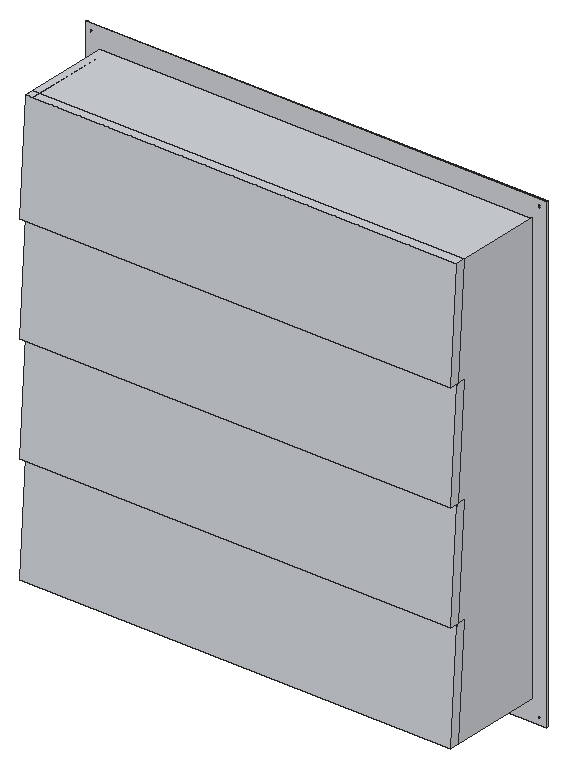
Revit family "НЕВАТОМ_Клапан KD-120-AxB-F1-VN-EM-24(220)-ML-04", category Арматура воздуховодов, Revit 2017
Family settings
  Размер круглого соединителя = Использовать диаметр
  Тип детали = Вставляется
  На основе рабочей плоскости = Нет
  Всегда вертикально = Да
  При загрузке вырезать с полостями = Нет
  Общий = Нет
Parameters (values of type "НЕВАТОМ_Клапан KD-120-AxB-F1-VN-EM-24(220)-ML-04")
  Одна ламель ( В/4) [instance] = B / 4  # 250 mm
  НЕВАТОМ_URL [instance] = "https://t.me/NEVATOM_Bim_bot"
  Выбор напряжения [instance] = if(U24, 1 mm, 0 mm)  # 0 mm
  Привод MN [instance] = and(not(Привод EM))  # no
  Привод EM [instance] = yes
  Клапан = "НЕВАТОМ_Клапан KD-120-AxB-F1-VN-EM-24(220)-ML-04"  # constant formula
  Выбор привода [instance] = if(Привод EM, 1 mm, 0 mm)  # 1 mm
  t фланца = 2.5 mm
  t корпуса = 220 mm - 2.5 mm  # 217.5 mm
  h прохода = 220 mm - 5 mm  # 215 mm
  U24 [instance] = no
  U220 [instance] = and(not(U24))  # yes
  B-3 [instance] = B - 3 mm  # 997 mm
  B+93 [instance] = B + 93 mm  # 1093 mm
  B+63 [instance] = B + 63 mm  # 1063 mm
  B [instance] = 1000 mm
  ADSK_Этаж = ""
  ADSK_Ток = 3 A  # constant formula
  ADSK_Расход воздуха [instance] = 0.0 m³/h
  ADSK_Размер_Ширина [instance] = A  # 1000 mm
  ADSK_Размер_Высота [instance] = B  # 1000 mm
  ADSK_Примечание = ""
  ADSK_Предел огнестойкости = "120"  # constant formula
  ADSK_Потеря давления воздуха = 0.0 Pa
  ADSK_Полная мощность = 30 VA  # constant formula
  ADSK_Обозначение = ""
  ADSK_Номинальная мощность = ADSK_Полная мощность * ADSK_Коэффициент мощности  # 30 W
  ADSK_Напряжение [instance] = if(U24, 24 V, 220 V)  # 220 V
  ADSK_Наименование [instance] = "Клапан дымоудаления стеновой"  # constant formula
  ADSK_Масса [instance] = size_lookup(Клапан, "N", 0, A, B, Выбор напряжения)  # 32
  ADSK_Марка [instance] = size_lookup(Клапан, "", "нестандартартный размер", A, B, Выбор напряжения)  # "KD-120-1000x1000-F1-VN-EM-220-ML"
  ADSK_Коэффициент мощности = 1  # constant formula
  ADSK_Количество = 1  # constant formula
  ADSK_Код изделия = ""
  ADSK_Зона = ""
  ADSK_Завод-изготовитель = "НЕВАТОМ"  # constant formula
  ADSK_Единица измерения = "шт."  # constant formula
  A-30 [instance] = A - 30 mm  # 970 mm
  A+70 [instance] = A + 70 mm  # 1070 mm
  A+40 [instance] = A + 40 mm  # 1040 mm
  A [instance] = 1000 mm
Reference planes
  plane 1 "По центру (Вперед/Назад)": y = 0
  plane 2: z = 0
  plane 3 "По центру (Влево/Вправо)": x = 0
  plane 4: x = -535
  plane 5: z = 546.5
  plane 6: z = -546.5
  plane 7: x = 535
  plane 8: x = 500
  plane 9: x = -500
  plane 10: z = 500
  plane 11: z = -500
  plane 12: y = -217.5
  plane 13: z = 500
  plane 14: z = -500
  plane 15: x = -500
  plane 16: x = 500
Forms (mm)
  Extrusion 1, solid, detail levels medium+fine
    sketch origin (0, 0, 0) x (1, 0, 0) y (0, 0, 1)
      loop
        line (535, 546.5) -> (-535, 546.5) -> (-535, -546.5) -> (535, -546.5) -> (535, 546.5)
    from 0 to 2.5 <- "t фланца"
  Extrusion 2, void
    sketch origin (0, 0, 0) x (1, 0, 0) y (0, 0, 1)
      loop
        circle (520, 531.5) r 2.469
      loop
        circle (-520, 531.5) r 2.548
      loop
        circle (520, -531.5) r 2.486
      loop
        circle (-520, -531.5) r 2.512
    from 0 to 250
  Extrusion 3, solid, detail levels medium+fine
    sketch origin (0, 0, 0) x (1, 0, 0) y (0, 0, 1)
      loop
        line (500, 500) -> (-500, 500) -> (-500, -500) -> (500, -500) -> (500, 500)
    from 2.5 to 217.5 <- "t корпуса"
  Extrusion 4, void
    sketch origin (0, 0, 0) x (1, 0, 0) y (0, 0, 1)
      loop
        line (485, 498.5) -> (-485, 498.5) -> (-485, -498.5) -> (485, -498.5) -> (485, 498.5)
    from 0 to 215 <- "h прохода"
Cuts and joins
  Extrusion 2, Extrusion 4 cuts Extrusion 1
  Extrusion 4 cuts Extrusion 3
Lines and regions (mm)
  reference lines
    curve 1: line (535, 0, 546.5) -> (-535, 0, 546.5)
    curve 2: line (535, 0, -546.5) -> (535, 0, 546.5)
    curve 3: line (-535, 0, -546.5) -> (535, 0, -546.5)
    curve 4: line (-535, 0, 546.5) -> (-535, 0, -546.5)
    curve 5: line (485, 0, 498.5) -> (-485, 0, 498.5)
    curve 6: line (485, 0, -498.5) -> (485, 0, 498.5)
    curve 7: line (-485, 0, -498.5) -> (485, 0, -498.5)
    curve 8: line (-485, 0, 498.5) -> (-485, 0, -498.5)
Dimensions and locks
  equal spacing: plane 4, plane 3 "По центру (Влево/Вправо)", plane 7
  "A+70": plane 4 to plane 7
  equal spacing: plane 6, level, plane 5
  "B+93": plane 6 to plane 5
  equal spacing: Extrusion 2 sketch curve, plane 3 "По центру (Влево/Вправо)", Extrusion 2 sketch curve  (x2)
  "A+40": Extrusion 2 sketch curve to Extrusion 2 sketch curve  (x2)
  equal spacing: Extrusion 2 sketch curve, level, Extrusion 2 sketch curve  (x2)
  "B+63": Extrusion 2 sketch curve to Extrusion 2 sketch curve  (x2)
  equal spacing: curve 8, plane 3 "По центру (Влево/Вправо)", curve 6
  "A-30": curve 8 to curve 6
  equal spacing: curve 7, level, curve 5
  "B-3": curve 7 to curve 5
  equal spacing: plane 9, plane 3 "По центру (Влево/Вправо)", plane 8
  "A": plane 9 to plane 8
  equal spacing: plane 11, level, plane 10
  "B": plane 11 to plane 10
  "B": plane 13 to plane 14
  equal spacing: plane 13, level, plane 14
  "A": plane 16 to plane 15
  equal spacing: plane 16, plane 3 "По центру (Влево/Вправо)", plane 15
  equal spacing: group 1, group 3, group 4, group 2  (x3)
  aligned and locked: level to plane 2
  aligned and locked: curve 2 to plane 7
  aligned and locked: plane 5 to curve 1
  aligned and locked: plane 4 to curve 4
  aligned and locked: curve 3 to plane 6
  aligned and locked: Extrusion 1 sketch curve to curve 1
  aligned and locked: Extrusion 1 sketch curve to curve 2
  aligned and locked: Extrusion 1 sketch curve to curve 3
  aligned and locked: Extrusion 1 sketch curve to curve 4
  aligned and locked: plane 10 to Extrusion 3 sketch curve
  aligned and locked: plane 9 to Extrusion 3 sketch curve
  aligned and locked: Extrusion 3 sketch curve to plane 8
  aligned and locked: Extrusion 3 sketch curve to plane 11
  aligned and locked: Extrusion 3 to cut or joined group of Extrusion 1, Extrusion 2, Extrusion 4
  aligned and locked: plane 12 to cut or joined group of Extrusion 3, Extrusion 4
  aligned and locked: cut or joined group of Extrusion 3, Extrusion 4 to nested 1  (x2)
  aligned and locked: cut or joined group of Extrusion 3, Extrusion 4 to plane 14
  aligned and locked: nested 3 to plane 14
  aligned and locked: plane 15 to nested 5
  aligned and locked: plane 16 to nested 5
  aligned and locked: plane 13 to nested 4
Automatic sketch dimensions
  Extrusion 4 sketch curve to plane 4 = 50 mm
  plane 7 to Extrusion 4 sketch curve = 50 mm
  plane 6 to Extrusion 4 sketch curve = 48 mm
  Extrusion 4 sketch curve to plane 5 = 48 mm
  radius of Extrusion 2 sketch curve = 2.469 mm
  radius of Extrusion 2 sketch curve = 2.548 mm
  radius of Extrusion 2 sketch curve = 2.486 mm
  radius of Extrusion 2 sketch curve = 2.512 mm
Nested families
  nested 1: "НЕВАТОМ_Привод EM" at (-453.842, -67.5, -500), visible <- "Привод EM", type "НЕВАТОМ_Привод EM", detail levels medium+fine
  nested 2: "НЕВАТОМ_УГО_Клапан KD" at (0, -108.75, 0), Ширина клапана <- "ADSK_Размер_Ширина", Толщина клапана <- "t корпуса", type "НЕВАТОМ_УГО_Клапан KD"
    with Ширина клапана 1000 mm, Толщина клапана 217.5 mm
  nested 3: "ламель под углом KD" at (0, -227.522, -500.436), B <- "A", A/4 <- "Одна ламель ( В/4)", type "ламель под углом KD", detail levels medium+fine
    with B 1000 mm, A/4 250 mm
  nested 4: "ламель под углом KD" at (0, -227.522, 249.564), B <- "A", A/4 <- "Одна ламель ( В/4)", type "ламель под углом KD", detail levels medium+fine
    with B 1000 mm, A/4 250 mm
  nested 5: "ламель под углом KD" at (0, -227.522, -250.436), B <- "A", A/4 <- "Одна ламель ( В/4)", type "ламель под углом KD", detail levels medium+fine
    with B 1000 mm, A/4 250 mm
  nested 6: "ламель под углом KD" at (0, -227.522, -0.436), B <- "A", A/4 <- "Одна ламель ( В/4)", type "ламель под углом KD", detail levels medium+fine
    with B 1000 mm, A/4 250 mm
Connectors
  hvac at (0, -2.5, 0), driven by "B", driven by "A", driven by "ADSK_Расход воздуха"
    settings: on cut or joined group of Extrusion 1, Extrusion 2, Extrusion 4, index 1, duct flow 0.0 m³/h, flow factor 0, pres drop 0.0 Pa, loss coef 0, conn angle 0.00°, conn width 1000 mm, conn height 1000 mm, conn diameter 609.6 mm, duct sys type 29, conn prof type 1, flow config 0, flow direction 1, loss method 0, conn ref index 2, conn util no, is conn primary yes, conn desc ""
  hvac at (0, -217.5, 0), driven by "B", driven by "A"
    settings: on cut or joined group of Extrusion 3, Extrusion 4, index 2, duct flow 0.0 m³/h, flow factor 0, pres drop 0.0 Pa, loss coef 0, conn angle 0.00°, conn width 1000 mm, conn height 1000 mm, conn diameter 609.6 mm, duct sys type 29, conn prof type 1, flow config 0, flow direction 2, loss method 4, conn ref index 1, conn util no, is conn primary no, conn desc ""
  electrical at (-500, -110, 0), driven by "ADSK_Напряжение", driven by "ADSK_Полная мощность"
    settings: on cut or joined group of Extrusion 3, Extrusion 4, index 3, voltage 220 V, apparent load 0 VA, apparent load phase1 30 VA, apparent load phase2 0 VA, apparent load phase3 0 VA, power factor 1, load classification "Прочее", number of poles 1, system type 31, power factor state 1, is connector primary yes, connector utility no, sub classification motor no, connector description ""
Definition of nested family "НЕВАТОМ_Привод EM"
  Parameters (values of type "НЕВАТОМ_Привод EM")
    d = 57 mm
    b = 72 mm
    a = 62 mm
  Reference planes
    plane 1 "По центру (Вперед/Назад)": y = 0
    plane 2: z = 0
    plane 3 "По центру (Влево/Вправо)": x = 0
  Forms (mm)
    Extrusion 1, solid
      sketch origin (0, 0, 0) x (1, 0, 0) y (0, 1, 0)
        loop
          line (-31, 36) -> (-31, -36) -> (31, -36) -> (31, 36) -> (-31, 36)
      from 26.971 to 47
    Extrusion 2, solid
      sketch origin (43.842, 0, -10.015) x (0, -1, 0) y (0, 0, 1)
        loop
          circle (0, 82.565) r 28.5
      from 0 to 90
    Extrusion 3, solid
      sketch origin (0, 0, 0) x (1, 0, 0) y (0, 0, 1)
        loop
          line (31, 26.971) -> (28.513, 26.971) -> (28.513, 0) -> (31, 0) -> (31, 26.971)
        loop
          line (-28.513, 26.971) -> (-31, 26.971) -> (-31, 0) -> (-28.513, 0) -> (-28.513, 26.971)
      from -36 to 36
  Dimensions and locks
    equal spacing: Extrusion 1 sketch curve, plane 3 "По центру (Влево/Вправо)", Extrusion 1 sketch curve
    equal spacing: Extrusion 1 sketch curve, plane 1 "По центру (Вперед/Назад)", Extrusion 1 sketch curve
    "a": Extrusion 1 sketch curve to Extrusion 1 sketch curve
    "b": Extrusion 1 sketch curve to Extrusion 1 sketch curve
    Extrusion 1 to Extrusion 1 = 20.029 mm
    "d": diameter of Extrusion 2 sketch curve
    aligned and locked: level to plane 2
    aligned and locked: Extrusion 3 to Extrusion 1
    aligned and locked: Extrusion 1 to Extrusion 3
  Automatic sketch dimensions
    Extrusion 3 sketch curve to level = 0 mm  (x2)
    Extrusion 3 sketch curve to plane 3 "По центру (Влево/Вправо)" = 31 mm
    Extrusion 3 sketch curve to Extrusion 3 sketch curve = 2.487 mm  (x2)
    plane 3 "По центру (Влево/Вправо)" to Extrusion 3 sketch curve = 28.513 mm
    level to Extrusion 3 sketch curve = 26.971 mm  (x2)
    Extrusion 2 sketch curve to plane 1 "По центру (Вперед/Назад)" = 0 mm
    level to Extrusion 2 sketch curve = 72.55 mm
Definition of nested family "ламель под углом KD"
  Parameters (values of type "ламель под углом KD")
    B [instance] = 1500 mm
    A/4 [instance] = 1500 mm
  Reference planes
    plane 1 "По центру (Вперед/Назад)": y = 0
    plane 2: z = 0
    plane 3 "По центру (Влево/Вправо)": x = 0
    plane 4: z = 1500
    plane 5: x = -750
    plane 6: x = 750
  Forms (mm)
    Extrusion 1, solid
      sketch origin (0, -14.979, 0.436) x (0, -1, 0) y (0, 0, -1)
        loop
          line (-7.499, 0) -> (-27.501, 0) -> (-44.961, -1500) -> (-24.96, -1500) -> (-7.499, 0)
      from -750 to 750
  Lines and regions (mm)
    reference lines
      curve 1: line (0, 0, 0) -> (0, -17.46, 1500)
      curve 2: line (0, 0, 0) -> (0, 17.46, 1500)
  Dimensions and locks
    "A/4": plane 4 to level
    equal spacing: plane 6, plane 3 "По центру (Влево/Вправо)", plane 5
    "B": plane 6 to plane 5
    locked: Extrusion 1 to Extrusion 1 at 20
    aligned and locked: level to plane 2
    aligned and locked: plane 4 to curve 1
    aligned and locked: plane 1 "По центру (Вперед/Назад)" to curve 1
    aligned and locked: Extrusion 1 to plane 5
    aligned and locked: plane 6 to Extrusion 1
  Automatic sketch dimensions
    curve 2 to plane 4 = 0 mm
    curve 2 to level = 0 mm
    plane 1 "По центру (Вперед/Назад)" to curve 1 = 17.46 mm
    curve 2 to plane 1 "По центру (Вперед/Назад)" = 17.46 mm
    Extrusion 1 sketch curve to plane 4 = 0.436 mm
    Extrusion 1 sketch curve to level = 0.436 mm
    plane 1 "По центру (Вперед/Назад)" to Extrusion 1 sketch curve = 12.522 mm
    Extrusion 1 sketch curve to Extrusion 1 sketch curve = 20.001 mm
    plane 1 "По центру (Вперед/Назад)" to Extrusion 1 sketch curve = 29.982 mm
    Extrusion 1 sketch curve to plane 1 "По центру (Вперед/Назад)" = 7.48 mm
Definition of nested family "НЕВАТОМ_УГО_Клапан KD"
  Parameters (values of type "НЕВАТОМ_УГО_Клапан KD")
    Ширина косой линии УГО = 150 mm
    Ширина клапана [instance] = 200 mm
    Толщина клапана [instance] = 120 mm
  Reference planes
    plane 1 "По центру (Вперед/Назад)": y = 0
    plane 2: z = 0
    plane 3 "По центру (Влево/Вправо)": x = 0
    plane 4: x = -100
    plane 5: x = 100
    plane 6: y = 60
    plane 7: y = -60
  Lines and regions (mm)
    symbolic lines, not visible
      curve 1: line (-77.5, 60, 0) -> (-77.5, -60, 0)
      curve 2: line (-22.5, 60, 0) -> (-22.5, -60, 0)
      curve 6: line (-50, 60, 0) -> (-50, -60, 0)
    model lines, not visible, detail levels coarse
      curve 3: line (-77.5, -60, 0) -> (-61.458, -24.999, 0)
      curve 4: circle (-50, 0, 0) r 27.5 normal (0, 0, 1)
      curve 5: line (-38.542, 24.999, 0) -> (-22.5, 60, 0)
    model lines, detail levels coarse+medium
      curve 7: line (-100, 60, 0) -> (100, 60, 0)
      curve 8: line (-100, -60, 0) -> (-100, 60, 0)
      curve 9: line (100, -60, 0) -> (-100, -60, 0)
      curve 10: line (100, 60, 0) -> (100, -60, 0)
  Dimensions and locks
    equal spacing: plane 7, plane 1 "По центру (Вперед/Назад)", plane 6
    "Толщина клапана": plane 7 to plane 6
    equal spacing: plane 4, plane 3 "По центру (Влево/Вправо)", plane 5
    "Ширина клапана": plane 4 to plane 5
    aligned and locked: level to plane 2
    aligned and locked: curve 7 to plane 6
    aligned and locked: plane 4 to curve 8
    aligned and locked: curve 9 to plane 7
    aligned and locked: curve 10 to plane 5
    aligned and locked: plane 1 "По центру (Вперед/Назад)" to nested 2
    aligned and locked: plane 3 "По центру (Влево/Вправо)" to nested 2
  Automatic sketch dimensions
    curve 3 to curve 4 = 27.5 mm
    curve 1 to curve 5 = 55 mm
    curve 3 to curve 4 = 60 mm
    curve 4 to curve 5 = 60 mm
    curve 3 to curve 4 = 11.458 mm
    curve 6 to curve 2 = 27.5 mm
    curve 4 to curve 5 = 11.458 mm
    curve 3 to curve 2 = 0 mm
    curve 6 to curve 2 = 0 mm  (x2)
    curve 3 to curve 4 = 24.999 mm
    curve 1 to curve 6 = 0 mm
  Nested families
    nested 1: "РОВЕН_ЛинияДляЗаливкиУГО" at (-50, -0.543, 0), type "РОВЕН_ЛинияДляЗаливкиУГО", not visible
      with l 156.205 mm
    nested 2: "РОВЕН_УгоКлапанДМУ2D" at (0, 0, 0), Толщина клапана <- "Толщина клапана", Ширина клапана <- "Ширина клапана", type "РОВЕН_УгоКлапанДМУ2D", detail levels coarse+medium
      with Ширина клапана 200 mm, Толщина клапана 120 mm
  Definition of nested family "РОВЕН_УгоКлапанДМУ2D"
    Parameters (values of type "РОВЕН_УгоКлапанДМУ2D")
      Ширина клапана [instance] = 250 mm
      Толщина клапана [instance] = 120 mm
      Отступ для УГО = 60 mm
      Материал = none
    Reference planes
      plane 1 "По центру (Вперед/Назад)": y = 0
      plane 2: z = 0
      plane 3 "По центру (Влево/Вправо)": x = 0
      plane 4: x = -125
      plane 5: x = 125
      plane 6: y = 60
      plane 7: y = -60
      plane 8: x = -65
      plane 9: x = 65
      plane 10: z = 1
    Forms (mm)
      Extrusion 1, solid, material <- "Материал"
        sketch origin (0, 0, 0) x (1, 0, 0) y (0, 1, 0)
          loop
            line (-125, 60) -> (-125, -60) -> (125, -60) -> (-125, 60)
        from 0 to 1
    Lines and regions (mm)
      symbolic lines, not visible
        curve 1: line (-77.5, 60, 0) -> (-77.5, -60, 0)
        curve 2: line (-22.5, 60, 0) -> (-22.5, -60, 0)
        curve 6: line (-50, 60, 0) -> (-50, -60, 0)
      model lines, not visible, detail levels coarse
        curve 3: line (-77.5, -60, 0) -> (-61.458, -24.999, 0)
        curve 4: circle (-50, 0, 0) r 27.5 normal (0, 0, 1)
        curve 5: line (-38.542, 24.999, 0) -> (-22.5, 60, 0)
      model lines, not visible, detail levels coarse+medium
        curve 7: line (-125, 60, 0) -> (125, 60, 0)
        curve 8: line (-125, -60, 0) -> (-125, 60, 0)
        curve 9: line (125, -60, 0) -> (-125, -60, 0)
        curve 10: line (125, 60, 0) -> (125, -60, 0)
    Dimensions and locks
      equal spacing: plane 7, plane 1 "По центру (Вперед/Назад)", plane 6
      "Толщина клапана": plane 7 to plane 6
      equal spacing: plane 4, plane 3 "По центру (Влево/Вправо)", plane 5
      "Ширина клапана": plane 4 to plane 5
      "Отступ для УГО": plane 4 to plane 8
      "Отступ для УГО": plane 9 to plane 5
      locked: plane 10 to plane 2 at 1
      aligned and locked: level to plane 2
      aligned and locked: curve 10 to plane 5
      aligned and locked: Extrusion 1 sketch curve to plane 4
      aligned and locked: plane 7 to Extrusion 1 sketch curve  (x2)
      aligned and locked: plane 6 to Extrusion 1 sketch curve
      aligned and locked: plane 5 to Extrusion 1 sketch curve
      aligned and locked: plane 10 to Extrusion 1
    Automatic sketch dimensions
      curve 3 to curve 4 = 27.5 mm
      curve 1 to curve 5 = 55 mm
      curve 3 to curve 4 = 60 mm
      curve 4 to curve 5 = 60 mm
      curve 3 to curve 4 = 11.458 mm
      curve 6 to curve 2 = 27.5 mm
      curve 4 to curve 5 = 11.458 mm
      curve 3 to curve 2 = 0 mm
      curve 6 to curve 2 = 0 mm  (x2)
      curve 3 to curve 4 = 24.999 mm
      curve 1 to curve 6 = 0 mm
      curve 7 to plane 4 = 0 mm
      curve 8 to plane 6 = 0 mm
      plane 7 to curve 9 = 0 mm
    Nested families
      nested 1: "РОВЕН_ЛинияДляЗаливкиУГО" at (-50, -0.543, 0), type "РОВЕН_ЛинияДляЗаливкиУГО", not visible
        with l 150 mm
    Definition of nested family "РОВЕН_ЛинияДляЗаливкиУГО"
      Parameters (values of type "РОВЕН_ЛинияДляЗаливкиУГО")
        l = 60 mm
      Reference planes
        plane 1 "По центру (Вперед/Назад)": y = 0
        plane 2: z = 0
        plane 3 "По центру (Влево/Вправо)": x = 0
        plane 4: y = 60
      Lines and regions (mm)
        model lines, detail levels coarse+medium
          curve 1: line (0, 0, 0) -> (0, 60, 0)
      Dimensions and locks
        "l": plane 1 "По центру (Вперед/Назад)" to plane 4
        aligned and locked: level to plane 2
        aligned and locked: plane 4 to curve 1
        aligned and locked: plane 1 "По центру (Вперед/Назад)" to curve 1
        aligned and locked: plane 3 "По центру (Влево/Вправо)" to curve 1
  Definition of nested family "РОВЕН_ЛинияДляЗаливкиУГО"
    Parameters (values of type "РОВЕН_ЛинияДляЗаливкиУГО")
      l = 60 mm
    Reference planes
      plane 1 "По центру (Вперед/Назад)": y = 0
      plane 2: z = 0
      plane 3 "По центру (Влево/Вправо)": x = 0
      plane 4: y = 60
    Lines and regions (mm)
      model lines, detail levels coarse+medium
        curve 1: line (0, 0, 0) -> (0, 60, 0)
    Dimensions and locks
      "l": plane 1 "По центру (Вперед/Назад)" to plane 4
      aligned and locked: level to plane 2
      aligned and locked: plane 4 to curve 1
      aligned and locked: plane 1 "По центру (Вперед/Назад)" to curve 1
      aligned and locked: plane 3 "По центру (Влево/Вправо)" to curve 1
